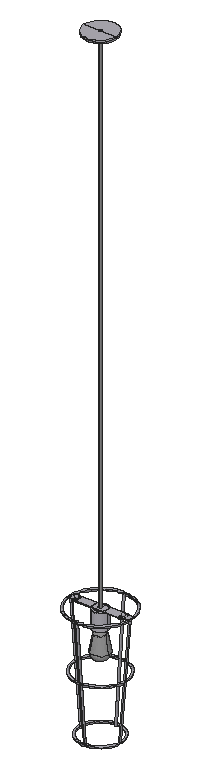
Revit family "Lighting - Lumetta - Pendant - P216RV", category Lighting Fixtures, host Ceiling, Revit 2015
Parameters
  Wattage = 11.7117 W
  built-in parameter 1150110 = 1 (stored number, unit not read)
  URL = "https://lumetta.com/luminaires/reveal-cone-up-16-pendant/"
  Type Comments = "Reveal Cone Up 16'' Pendant "  # constant formula
  built-in parameter 1114217 = 1 (stored number, unit not read)
  built-in parameter 1150109 = 1 (stored number, unit not read)
  built-in parameter 1150134 = (empty or 0)
  Suspension [instance] = 1
  built-in parameter 1150113 = 1 (stored number, unit not read)
  Stem Hung-ALL Lamping [instance] = Suspension = 2  # no
  P216RV URL [instance] = "https://lumetta.com/luminaires/reveal-cone-up-16-pendant/"
  Light Source Symbol Size = 0' - 1"
  Coupling-Stems Over 60 inches [instance] = and([Stem Hung-ALL Lamping], Fixture Drop > 5' 0")  # no
  Model = "P216RV"  # constant formula
  Manufacturer = "Lumetta, Inc."  # constant formula
  Lumens = 1300 lm
  built-in parameter 1150115 = 1 (stored number, unit not read)
  built-in parameter 1150105 = 103.45 (stored number, unit not read)
  built-in parameter 1150137 = (empty or 0)
  built-in parameter 1150139 = (empty or 0)
  built-in parameter 1150112 = 1 (stored number, unit not read)
  built-in parameter 1150114 = 1 (stored number, unit not read)
  built-in parameter 1150132 = 1
  built-in parameter 1150102 = (empty or 0)
  built-in parameter 1150138 = (empty or 0)
  built-in parameter 1150107 = 3000 (stored number, unit not read)
  built-in parameter 1150106 = 1.0345 (stored number, unit not read)
  Frame Finish [instance] = Paint - Lumetta - F02 - PC_Chrome
  Fixture Drop [instance] = 6' - 0"
  built-in parameter 1150104 = 10.312 (stored number, unit not read)
  Dimming Lamp Color Temperature Shift = (empty or 0)
  Description = "Reveal Cone Up 16'' Pendant "  # constant formula
  Cord Hung-STD [instance] = Suspension = 1  # yes
  Cord Color [instance] = Cord, Black
  Color Filter = 16777215
  built-in parameter 1114218 = 1 (stored number, unit not read)
  built-in parameter 1150133 = 10 (stored number, unit not read)
Reference planes (in)
  plane 1 "Light Source Axis (F/B)": y = 0
  plane 2 "Ceiling": z = 96
  plane 3 "Light Source Axis (L/R)": x = 0
  plane 4 "Light Source Elevation": z = 21
  plane 5 "Fixture-Top": z = 24
  plane 6 "Fixture-Radius": x = 4.32422
  plane 7 "Fixture-Height": z = 8
  plane 8: y = 0
  plane 9: x = 1.9375
  plane 10 "Middle Ring": z = 16
Forms (in)
  Revolve 1, solid, material "Paint - Lumetta - F02 - PC_Chrome" <- "Frame Finish", visible <- "Cord Hung-STD"
    sketch origin (0, 0, 0) x (1, 0, 0) y (0, 0, 1)
      loop
        line (0, 96) -> (0, 95.65) -> (2.125, 95.65)
        arc (2.125, 95.65) -> (2.21339, 95.68661) -> (2.25, 95.775) r 0.125
        line (2.25, 95.775) -> (2.25, 96) -> (0, 96)
      axis (0, 96) -> (0, 95.65)
    angle from 0 to 360
  Extrusion 2, solid, material "Paint - Lumetta - F02 - PC_Chrome" <- "Frame Finish", visible <- "Stem Hung-ALL Lamping"
    sketch origin (0, 0, 24) x (0, -1, 0) y (-1, 0, 0)
      loop
        circle (0, 0) r 0.25
    from 0.05815 to -72
  Revolve 3, solid, material "Paint - Lumetta - F02 - PC_Chrome" <- "Frame Finish", visible <- "Coupling-Stems Over 60 inches"
    sketch origin (0, 0, 0) x (1, 0, 0) y (0, 0, 1)
      loop
        line (0, 84.53023) -> (0, 84) -> (0.26233, 84)
        arc (0.26233, 84) -> (0.31307, 84.05074) -> (0.26233, 84.10149) r 0.05074
        arc (0.26233, 84.10149) -> (0.29304, 84.26499) -> (0.26243, 84.42851) r 0.45126
        arc (0.26243, 84.42851) -> (0.31329, 84.47937) -> (0.26243, 84.53023) r 0.05086
        line (0.26243, 84.53023) -> (0, 84.53023)
      axis (0, 84.53023) -> (0, 84)
    angle from 0 to 360
  Extrusion 4, solid, material "Cord, Black" <- "Cord Color"
    sketch origin (0, 0, 24) x (0, -1, 0) y (1, 0, 0)
      loop
        circle (0, 0) r 0.15674
    from -0.56254 to 72
  Extrusion 5, solid, material "Paint - Lumetta - F02 - PC_Chrome" <- "Frame Finish"
    sketch origin (0, 0, 24) x (0, -1, 0) y (1, 0, 0)
      loop
        circle (0, 0) r 0.26562
      loop
        line (-0.625, -3.3125) -> (-0.375, -3.5625) -> (0.375, -3.5625) -> (0.625, -3.3125) -> (0.625, 3.3125) -> (0.375, 3.5625) -> (-0.375, 3.5625) -> (-0.625, 3.3125) -> (-0.625, -3.3125)
      loop
        circle (0, 3.25) r 0.07846
      loop
        circle (0, -3.25) r 0.07846
    from -0.05815 to 0
  Revolve 6, solid, material "Paint - Lumetta - F02 - PC_Chrome" <- "Frame Finish", visible <- "Cord Hung-STD"
    sketch origin (0, 0, 0) x (1, 0, 0) y (0, 0, 1)
      loop
        line (0, 95.65) -> (0, 95.15) -> (0.28125, 95.15) -> (0.375, 95.65) -> (0, 95.65)
      axis (0, 95.65) -> (0, 95.15)
    angle from 0 to 360
  Revolve 7, solid, material "Paint - Lumetta - F02 - PC_Chrome" <- "Frame Finish", visible <- "Stem Hung-ALL Lamping"
    sketch origin (0, 0, 0) x (1, 0, 0) y (0, 0, 1)
      loop
        line (1.9375, 93.72) -> (1.9375, 93.37095)
        arc (1.9375, 93.37095) -> (2.11821, 93.50953) -> (2.03125, 93.72) r 0.18712
        line (2.03125, 93.72) -> (1.9375, 93.72)
      axis (1.9375, 93.72) -> (1.9375, 93.37095)
    angle from 0 to 360
  Revolve 8, solid, material "Paint - Lumetta - F02 - PC_Chrome" <- "Frame Finish", visible <- "Stem Hung-ALL Lamping"
    sketch origin (0, 0, 0) x (-1, 0, 0) y (0, 0, 1)
      loop
        line (1.9375, 93.72) -> (1.9375, 93.37095)
        arc (1.9375, 93.37095) -> (2.11821, 93.50953) -> (2.03125, 93.72) r 0.18712
        line (2.03125, 93.72) -> (1.9375, 93.72)
      axis (1.9375, 93.72) -> (1.9375, 93.37095)
    angle from 0 to 360
  Revolve 9, solid, material "Paint - Lumetta - F02 - PC_Chrome" <- "Frame Finish"
    sketch origin (0, 0, 0) x (1, 0, 0) y (0, 0, 1)
      loop
        circle (4.21484, 23.89063) r 0.10938
      axis (0, 23.89063) -> (0, 23.85125)
    angle from 0 to 360
  Revolve 10, solid, material "Paint - Lumetta - F02 - PC_Chrome" <- "Frame Finish"
    sketch origin (0, 0, 0) x (1, 0, 0) y (0, 0, 1)
      loop
        circle (2.88984, 8.10937) r 0.10938
      axis (0, 8.10937) -> (0, 8.07)
    angle from 0 to 360
  Extrusion 11, solid, material "Paint - Lumetta - F02 - PC_Chrome" <- "Frame Finish"
    sketch origin (0, 0, 24) x (0, -1, 0) y (1, 0, 0)
      loop
        line (-0.5, 2.9375) -> (0.5, 2.9375) -> (0.5, 4.20971)
        arc (0.5, 4.20971) -> (0, 4.23951) -> (-0.5, 4.20971) r 4.21
        line (-0.5, 4.20971) -> (-0.5, 2.9375)
      loop
        circle (0, 3.25) r 0.09375
      loop
        line (-0.5, -2.9375) -> (-0.5, -4.20971)
        arc (-0.5, -4.20971) -> (0, -4.23951) -> (0.5, -4.20971) r 4.21
        line (0.5, -4.20971) -> (0.5, -2.9375) -> (-0.5, -2.9375)
      loop
        circle (0, -3.25) r 0.09375
    from 0 to 0.07325
  Revolve 12, solid, material "Paint - Lumetta - F02 - PC_Chrome" <- "Frame Finish", visible <- "Stem Hung-ALL Lamping"
    sketch origin (0, 0, 0) x (1, 0, 0) y (0, 0, 1)
      loop
        line (0, 96.0012) -> (0, 93.40625) -> (0.34988, 93.40625)
        arc (0.34988, 93.40625) -> (0.49124, 93.54417) -> (0.58115, 93.72) r 0.61026
        line (0.58115, 93.72) -> (3, 93.72) -> (3, 93.78) -> (2.875, 93.78) -> (2.875, 96.0012) -> (0, 96.0012)
      axis (0, 96.0012) -> (0, 93.40625)
    angle from 0 to 360
  Revolve 13, solid, material "Paint - Lumetta - F02 - PC_Chrome" <- "Frame Finish"
    sketch origin (0, 0, 6.25) x (1, 0, 0) y (0, 0, 1)
      loop
        circle (3.55234, 9.75) r 0.10938
      axis (0, 9.75) -> (0, 9.71063)
    angle from 0 to 360
  Revolve 14, solid, material "Paint - Lumetta - F02 - PC_Chrome" <- "Frame Finish"
    sketch origin (0, 0, 0) x (1, 0, 0) y (0, 0, 1)
      loop
        line (0, 23.94185) -> (0, 23.9106) -> (0.90625, 23.9106)
        arc (0.90625, 23.9106) -> (0.97254, 23.88314) -> (1, 23.81685) r 0.09375
        line (1, 23.81685) -> (1, 21.44185) -> (1.03125, 21.44185) -> (1.03125, 23.81685)
        arc (1.03125, 23.81685) -> (0.99464, 23.90523) -> (0.90625, 23.94185) r 0.125
        line (0.90625, 23.94185) -> (0, 23.94185)
      axis (0, 23.94185) -> (0, 21.44185)
    angle from 0 to 360
  Revolve 15, solid, material "Acrylic - 2447 - White"
    sketch origin (0, 0, 0) x (1, 0, 0) y (0, 0, 1)
      loop
        arc (0.48041, 21.41727) -> (0.66687, 21.10094) -> (0.77324, 20.74949) r 1.54182
        line (0.77324, 20.74949) -> (1.17086, 18.49448)
        arc (1.17086, 18.49448) -> (1.06714, 17.9859) -> (0.64416, 17.68508) r 0.70728
        arc (0.64416, 17.68508) -> (0.43163, 17.64159) -> (0.21626, 17.61551) r 2.66809
        arc (0.21626, 17.61551) -> (0.19746, 17.60723) -> (0.18786, 17.58907) r 0.03125
        arc (0.18786, 17.58907) -> (0.18007, 17.57274) -> (0.16453, 17.56346) r 0.03125
        arc (0.16453, 17.56346) -> (0.08288, 17.54831) -> (0, 17.54324) r 0.67945
        line (0, 17.54324) -> (0, 17.51199)
        arc (0, 17.51199) -> (0.0867, 17.51729) -> (0.1721, 17.53314) r 0.7107
        arc (0.1721, 17.53314) -> (0.20317, 17.55169) -> (0.21875, 17.58436) r 0.0625
        arc (0.21875, 17.58436) -> (0.43664, 17.61075) -> (0.65167, 17.65474) r 2.69934
        arc (0.65167, 17.65474) -> (1.09333, 17.96886) -> (1.20163, 18.49991) r 0.73853
        line (1.20163, 18.49991) -> (0.80401, 20.75492)
        arc (0.80401, 20.75492) -> (0.69549, 21.11349) -> (0.50526, 21.43623) r 1.57307
        arc (0.50526, 21.43623) -> (0.47231, 21.46338) -> (0.43073, 21.4731) r 0.09375
        line (0.43073, 21.4731) -> (0, 21.4731) -> (0, 21.44185) -> (0.43073, 21.44185)
        arc (0.43073, 21.44185) -> (0.45845, 21.43537) -> (0.48041, 21.41727) r 0.0625
      axis (0, 21.4731) -> (0, 17.51199)
    angle from 0 to 360
  Revolve 16, solid, material "Paint - Lumetta - F02 - PC_Chrome" <- "Frame Finish"
    sketch origin (0, 0, 0) x (1, 0, 0) y (0, 0, 1)
      loop
        arc (3.375, 24.07325) -> (3.42516, 24.27991) -> (3.25, 24.4005) r 0.1875
        line (3.25, 24.4005) -> (3.25, 24.07325) -> (3.375, 24.07325)
      axis (3.25, 24.4005) -> (3.25, 24.07325)
    angle from 0 to 360
  Revolve 17, solid, material "Paint - Lumetta - F02 - PC_Chrome" <- "Frame Finish"
    sketch origin (0, 0, 0) x (-1, 0, 0) y (0, 0, 1)
      loop
        arc (3.375, 24.07325) -> (3.42516, 24.27991) -> (3.25, 24.4005) r 0.1875
        line (3.25, 24.4005) -> (3.25, 24.07325) -> (3.375, 24.07325)
      axis (3.25, 24.4005) -> (3.25, 24.07325)
    angle from 0 to 360
  Sweep 18, solid, material "Paint - Lumetta - F02 - PC_Chrome" <- "Frame Finish"
    path origin (0, 0, 0) x (1, 0, 0) y (0, 0, 1)
      loop
        line (-4.07982, 24) -> (-2.68, 8)
    profile origin (-3.37991, 0, 16) x (0.996195, 0, 0.087156) y (0, -1, 0)
      loop
        circle (0, 0) r 0.1035
  Sweep 19, solid, material "Paint - Lumetta - F02 - PC_Chrome" <- "Frame Finish"
    path origin (0, 0, 0) x (-1, 0, 0) y (0, 0, 1)
      loop
        line (-4.07982, 24) -> (-2.68, 8)
    profile origin (3.37991, 0, 16) x (-0.996195, 0, 0.087156) y (0, 1, 0)
      loop
        circle (0, 0) r 0.1035
  Sweep 20, solid, material "Paint - Lumetta - F02 - PC_Chrome" <- "Frame Finish"
    path origin (0, 0, 0) x (0, 1, 0) y (0, 0, 1)
      loop
        line (-4.07982, 24) -> (-2.68, 8)
    profile origin (0, -3.37991, 16) x (0, 0.996195, 0.087156) y (1, 0, 0)
      loop
        circle (0, 0) r 0.1035
  Sweep 21, solid, material "Paint - Lumetta - F02 - PC_Chrome" <- "Frame Finish"
    path origin (0, 0, 0) x (0, -1, 0) y (0, 0, 1)
      loop
        line (-4.07982, 24) -> (-2.68, 8)
    profile origin (0, 3.37991, 16) x (0, -0.996195, 0.087156) y (-1, 0, 0)
      loop
        circle (0, 0) r 0.1035
Dimensions and locks (in)
  equal spacing: host sketch curve, plane 3 "Light Source Axis (L/R)", host sketch curve
  equal spacing: host sketch curve, plane 1 "Light Source Axis (F/B)", host sketch curve
  host sketch curve to host sketch curve = 10' - 0"  (x2)
  "Fixture Drop": plane 2 "Ceiling" to plane 5 "Fixture-Top"
  plane 5 "Fixture-Top" to plane 4 "Light Source Elevation" = 0' - 3"
  locked: plane 6 "Fixture-Radius" to plane 3 "Light Source Axis (L/R)" at 4.32422
  locked: plane 5 "Fixture-Top" to plane 7 "Fixture-Height" at 16
  locked: Extrusion 2 sketch curve to imposter light
  locked: Extrusion 2 sketch curve to imposter light at 0
  Revolve 3 sketch curve to Revolve 3 sketch curve = 0' - 0.15822"
  locked: Revolve 3 sketch curve to Revolve 3 sketch curve at 0.53023
  locked: Revolve 3 sketch curve to Revolve 3 sketch curve at 0.26243
  locked: Revolve 3 sketch curve to Revolve 3 sketch curve at 0.26233
  locked: Revolve 3 sketch curve to Revolve 3 sketch curve at 0.05074
  locked: Revolve 3 sketch curve to Revolve 3 sketch curve at 0.47937
  locked: Revolve 3 sketch curve to Revolve 3 sketch curve at 0.26512
  locked: Revolve 1 to Revolve 6 sketch curve at 0.5
  locked: plane 6 "Fixture-Radius" to Revolve 9 sketch curve at 0.10937
  equal spacing: Extrusion 11 sketch curve, plane 8, Extrusion 11 sketch curve, locked at 0.5 each
  locked: Extrusion 11 to plane 5 "Fixture-Top" at 0.07325
  locked: plane 5 "Fixture-Top" to Extrusion 5 at 0.05815
  locked: Revolve 12 sketch curve to Revolve 12 sketch curve at 2.875
  locked: Revolve 12 sketch curve to Revolve 12 sketch curve at 0.31375
  locked: plane 2 "Ceiling" to Revolve 12 sketch curve at 2.28
  locked: Revolve 12 sketch curve to plane 3 "Light Source Axis (L/R)" at 0
  locked: Revolve 12 sketch curve to plane 2 "Ceiling" at 0.0012
  locked: plane 2 "Ceiling" to Revolve 1 sketch curve at 0.35
  locked: Revolve 1 sketch curve to plane 2 "Ceiling"
  locked: Revolve 1 sketch curve to plane 3 "Light Source Axis (L/R)" at 2.25
  locked: plane 2 "Ceiling" to Revolve 6 sketch curve at 0.35
  locked: plane 6 "Fixture-Radius" to Revolve 10 sketch curve at 1.43438
  locked: Extrusion 5 sketch curve to plane 3 "Light Source Axis (L/R)" at 3.25
  locked: Extrusion 5 sketch curve to Extrusion 5 sketch curve at 6.5
  locked: plane 8 to Extrusion 5 sketch curve at 0.625  (x2)
  locked: plane 5 "Fixture-Top" to plane 10 "Middle Ring" at 8
  locked: plane 6 "Fixture-Radius" to Revolve 13 sketch curve at 0.77188
  locked: Revolve 13 sketch curve to plane 10 "Middle Ring"
  locked: Revolve 14 sketch curve to plane 3 "Light Source Axis (L/R)" at 0
  locked: plane 3 "Light Source Axis (L/R)" to Revolve 14 sketch curve at 1.03125
  locked: Revolve 14 sketch curve to Revolve 14 sketch curve at 0.03125  (x2)
  locked: Extrusion 5 to Revolve 14 sketch curve at 0
  Revolve 14 sketch curve to Revolve 14 sketch curve = 0' - 2 1/2"
  locked: plane 3 "Light Source Axis (L/R)" to Revolve 16 sketch curve at 3.25  (x2)
  locked: Revolve 16 sketch curve to Revolve 16 sketch curve at 0.13975
  Revolve 16 sketch curve to Extrusion 11 = 0' - 0"
  locked: Revolve 17 sketch curve to Revolve 17 sketch curve at 0.13975
  locked: Revolve 17 sketch curve to Extrusion 11 at 0
  locked: Revolve 17 sketch curve to plane 3 "Light Source Axis (L/R)" at 3.25  (x2)
  Revolve 12 sketch curve to plane 3 "Light Source Axis (L/R)" = 0' - 3"
  locked: Revolve 10 sketch curve to plane 7 "Fixture-Height" at 0.10938
  locked: plane 5 "Fixture-Top" to Revolve 9 sketch curve at 0.10937
  locked: Extrusion 5 sketch curve to plane 3 "Light Source Axis (L/R)" at 3.5625
  locked: Extrusion 5 sketch curve to Extrusion 5 sketch curve at 7.125
  locked: Extrusion 11 sketch curve to Extrusion 11 sketch curve at 0.3125  (x2)
  locked: plane 3 "Light Source Axis (L/R)" to Extrusion 11 sketch curve at 3.25
  Extrusion 11 sketch curve to Extrusion 11 sketch curve = 0' - 1"
  locked: Extrusion 11 sketch curve to Extrusion 11 sketch curve at 6.5
  locked: plane 3 "Light Source Axis (L/R)" to Sweep 18 sketch curve at 4.07982
  locked: plane 3 "Light Source Axis (L/R)" to Sweep 18 sketch curve at 2.68
  locked: Extrusion 5 sketch curve to Extrusion 5 sketch curve at 0.25  (x2)
  locked: Revolve 3 sketch curve to plane 5 "Fixture-Top" at 60
  aligned and locked: plane 3 "Light Source Axis (L/R)" to imposter light
  aligned and locked: plane 1 "Light Source Axis (F/B)" to imposter light
  aligned and locked: plane 4 "Light Source Elevation" to imposter light
  aligned and locked: Revolve 3 sketch curve to Revolve 3 sketch curve  (x2)
  aligned and locked: host ceiling to Extrusion 2
  aligned and locked: host ceiling to Extrusion 4
  aligned and locked: Extrusion 5 to Extrusion 2
  aligned and locked: Revolve 7 sketch curve to plane 9
  aligned and locked: Revolve 10 sketch curve to plane 3 "Light Source Axis (L/R)"
  aligned and locked: plane 5 "Fixture-Top" to Extrusion 11
  aligned and locked: Extrusion 5 to plane 5 "Fixture-Top"
  aligned and locked: plane 3 "Light Source Axis (L/R)" to Revolve 14 sketch curve
  aligned and locked: Revolve 15 sketch curve to plane 3 "Light Source Axis (L/R)"
Automatic sketch dimensions
  Revolve 3 sketch curve to plane 3 "Light Source Axis (L/R)" = 0' - 0"
  Revolve 3 sketch curve to Revolve 3 sketch curve = 0' - 9.34317"
  plane 1 "Light Source Axis (F/B)" to Extrusion 4 sketch curve = 0' - 0"
  Extrusion 4 sketch curve to plane 3 "Light Source Axis (L/R)" = 0' - 0"
  Revolve 7 sketch curve to plane 9 = 0' - 0"
  plane 9 to Revolve 7 sketch curve = 0' - 0 3/32"
  Revolve 7 sketch curve to plane 2 "Ceiling" = 0' - 2.62905"
  Revolve 7 sketch curve to Revolve 7 sketch curve = 0' - 0.18712"
  Revolve 7 sketch curve to Revolve 7 sketch curve = 0' - 1.15095"
  plane 2 "Ceiling" to Revolve 7 sketch curve = 0' - 0.72"
  plane 3 "Light Source Axis (L/R)" to Revolve 8 sketch curve = 0' - 1 15/16"
  Revolve 8 sketch curve to Revolve 8 sketch curve = 0' - 0 3/32"
  plane 2 "Ceiling" to Revolve 8 sketch curve = 0' - 2.62905"
  Revolve 8 sketch curve to Revolve 8 sketch curve = 0' - 0.18712"
  Revolve 8 sketch curve to Revolve 8 sketch curve = 0' - 0"
  Revolve 8 sketch curve to Revolve 8 sketch curve = 0' - 1.15095"
  Revolve 8 sketch curve to plane 2 "Ceiling" = 0' - 0.72"
  level to Revolve 10 sketch curve = 0' - 0 3/4"
  Revolve 12 sketch curve to plane 3 "Light Source Axis (L/R)" = 0' - 0"  (x2)
  Revolve 12 sketch curve to Revolve 12 sketch curve = 0' - 0.34988"
  Revolve 12 sketch curve to Revolve 12 sketch curve = 0' - 0.23126"
  Revolve 12 sketch curve to Revolve 12 sketch curve = 0' - 0.06"
  Revolve 12 sketch curve to Revolve 12 sketch curve = 0' - 1.7488"
  Revolve 12 sketch curve to Revolve 12 sketch curve = 0' - 2 1/2"
  Revolve 13 sketch curve to plane 3 "Light Source Axis (L/R)" = 0' - 0"
  Revolve 13 sketch curve to plane 4 "Light Source Elevation" = 0' - 0 1/2"
  Revolve 15 sketch curve to Revolve 15 sketch curve = 0' - 0"  (x19)
  Revolve 15 sketch curve to plane 3 "Light Source Axis (L/R)" = 0' - 0"  (x2)
  Revolve 15 sketch curve to plane 3 "Light Source Axis (L/R)" = 0' - 0.74516"
  plane 3 "Light Source Axis (L/R)" to Revolve 15 sketch curve = 0' - 0.00349"
  plane 3 "Light Source Axis (L/R)" to Revolve 15 sketch curve = 0' - 0.15696"
  Revolve 15 sketch curve to Revolve 15 sketch curve = 0' - 0.06179"
  plane 3 "Light Source Axis (L/R)" to Revolve 15 sketch curve = 0' - 0.43073"
  plane 3 "Light Source Axis (L/R)" to Revolve 15 sketch curve = 0' - 0.47433"
  plane 4 "Light Source Elevation" to Revolve 15 sketch curve = 0' - 0.25051"
  Revolve 15 sketch curve to Revolve 15 sketch curve = 0' - 0.3425"
  plane 4 "Light Source Elevation" to Revolve 15 sketch curve = 0' - 0.24508"
  Revolve 15 sketch curve to Revolve 15 sketch curve = 0' - 0.03078"  (x2)
  Revolve 15 sketch curve to Revolve 15 sketch curve = 0' - 0.69653"
  Revolve 15 sketch curve to Revolve 15 sketch curve = 0' - 0.00941"
  Revolve 15 sketch curve to Revolve 15 sketch curve = 0' - 0.05054"
  Revolve 15 sketch curve to Revolve 15 sketch curve = 0' - 0 1/32"  (x2)
  Revolve 15 sketch curve to Revolve 15 sketch curve = 0' - 0.00543"
  plane 4 "Light Source Elevation" to Revolve 15 sketch curve = 0' - 0.72489"
  plane 4 "Light Source Elevation" to Revolve 15 sketch curve = 0' - 0.51824"
  Revolve 15 sketch curve to plane 4 "Light Source Elevation" = 0' - 0.37935"
  Revolve 15 sketch curve to Revolve 15 sketch curve = 0' - 0 1/16"
  Revolve 15 sketch curve to Revolve 15 sketch curve = 0' - 1.64262"
  Revolve 15 sketch curve to Revolve 15 sketch curve = 0' - 0 3/4"
  plane 7 "Fixture-Height" to Revolve 13 sketch curve = 0' - 1"
  Revolve 10 sketch curve to plane 10 "Middle Ring" = 0' - 0 1/4"
  Revolve 15 sketch curve to Revolve 15 sketch curve = 0' - 1.7752"
  Revolve 15 sketch curve to Revolve 15 sketch curve = 0' - 0.12282"
  Revolve 15 sketch curve to Revolve 15 sketch curve = 0' - 0.14898"
  Revolve 15 sketch curve to Revolve 15 sketch curve = 0' - 0.0913"
  Revolve 1 sketch curve to plane 3 "Light Source Axis (L/R)" = 0' - 0"  (x2)
  Revolve 1 sketch curve to Revolve 1 sketch curve = 0' - 0 1/8"
  Revolve 1 sketch curve to plane 5 "Fixture-Top" = 0' - 1 1/4"
  plane 2 "Ceiling" to Revolve 1 sketch curve = 0' - 9 3/4"
  Revolve 6 sketch curve to plane 3 "Light Source Axis (L/R)" = 0' - 0"  (x2)
  Revolve 6 sketch curve to Revolve 6 sketch curve = 0' - 0 9/32"
  Revolve 6 sketch curve to Revolve 6 sketch curve = 0' - 0 3/8"
  Revolve 6 sketch curve to Revolve 6 sketch curve = 0' - 1 1/4"
  plane 2 "Ceiling" to Revolve 6 sketch curve = 0' - 6 11/16"
  Revolve 9 sketch curve to plane 3 "Light Source Axis (L/R)" = 0' - 0"
  Revolve 9 sketch curve to plane 4 "Light Source Elevation" = 0' - 0 1/2"
  Revolve 9 sketch curve to plane 5 "Fixture-Top" = 0' - 2 1/2"
  plane 1 "Light Source Axis (F/B)" to Extrusion 11 sketch curve = 0' - 0"  (x4)
  Extrusion 11 sketch curve to plane 1 "Light Source Axis (F/B)" = 0' - 0 1/2"  (x2)
  plane 1 "Light Source Axis (F/B)" to Extrusion 11 sketch curve = 0' - 0 1/2"
  plane 3 "Light Source Axis (L/R)" to Extrusion 11 sketch curve = 0' - 0.02951"
  Extrusion 11 sketch curve to plane 3 "Light Source Axis (L/R)" = 0' - 0.02951"
  Extrusion 11 sketch curve to Extrusion 11 sketch curve = 0' - 0.95971"
  Extrusion 11 sketch curve to plane 6 "Fixture-Radius" = 0' - 0.11451"
  Revolve 14 sketch curve to Revolve 14 sketch curve = 0' - 0"  (x2)
  Revolve 14 sketch curve to Revolve 14 sketch curve = 0' - 0 3/32"
  plane 10 "Middle Ring" to Revolve 14 sketch curve = 0' - 0 5/8"
  Revolve 14 sketch curve to plane 5 "Fixture-Top" = 0' - 1 1/2"
  Revolve 16 sketch curve to Revolve 16 sketch curve = 0' - 0 1/8"
  plane 5 "Fixture-Top" to Revolve 16 sketch curve = 0' - 0.44618"
  Revolve 16 sketch curve to Revolve 16 sketch curve = 0' - 0.19786"
  Revolve 17 sketch curve to Revolve 17 sketch curve = 0' - 0 1/8"
  Revolve 17 sketch curve to plane 5 "Fixture-Top" = 0' - 0.44618"
  Revolve 17 sketch curve to Revolve 17 sketch curve = 0' - 0.19786"
  Sweep 18 sketch curve to plane 5 "Fixture-Top" = 0' - 0"
  Sweep 18 sketch curve to plane 7 "Fixture-Height" = 0' - 0"
  Sweep 18 sketch curve to plane 1 "Light Source Axis (F/B)" = 0' - 0"
  Sweep 18 sketch curve to profile plane = 0' - 0"
  Sweep 19 sketch curve to plane 5 "Fixture-Top" = 0' - 0"
  Sweep 19 sketch curve to plane 7 "Fixture-Height" = 0' - 0"
  Sweep 19 sketch curve to plane 6 "Fixture-Radius" = 0' - 0.2444"
  plane 9 to Sweep 19 sketch curve = 0' - 0.7425"
  Sweep 19 sketch curve to profile plane = 0' - 0"
  profile plane to Sweep 19 sketch curve = 0' - 0"
  plane 5 "Fixture-Top" to Sweep 20 sketch curve = 0' - 0"
  plane 7 "Fixture-Height" to Sweep 20 sketch curve = 0' - 0"
  plane 1 "Light Source Axis (F/B)" to Sweep 20 sketch curve = 0' - 4.07982"
  plane 1 "Light Source Axis (F/B)" to Sweep 20 sketch curve = 0' - 2.68"
  Sweep 20 sketch curve to profile plane = 0' - 0"  (x2)
  plane 5 "Fixture-Top" to Sweep 21 sketch curve = 0' - 0"
  plane 7 "Fixture-Height" to Sweep 21 sketch curve = 0' - 0"
  Sweep 21 sketch curve to plane 1 "Light Source Axis (F/B)" = 0' - 4.07982"
  Sweep 21 sketch curve to plane 1 "Light Source Axis (F/B)" = 0' - 2.68"
  profile plane to Sweep 21 sketch curve = 0' - 0"
  Sweep 21 sketch curve to profile plane = 0' - 0"
  plane 1 "Light Source Axis (F/B)" to Extrusion 5 sketch curve = 0' - 0"  (x3)
  Extrusion 5 sketch curve to plane 3 "Light Source Axis (L/R)" = 0' - 0"
  Extrusion 5 sketch curve to Extrusion 5 sketch curve = 0' - 0 1/4"  (x6)
  radius of Extrusion 2 sketch curve = 0' - 0 1/4"
  radius of Extrusion 4 sketch curve = 0' - 0.15674"
  radius of Revolve 10 sketch curve = 0' - 0 7/64"
  radius of Revolve 13 sketch curve = 0' - 0 7/64"
  radius of Revolve 9 sketch curve = 0' - 0 7/64"
  radius of Extrusion 11 sketch curve = 0' - 0 3/32"  (x2)
  radius of Sweep 18 sketch curve = 0' - 0.1035"
  radius of Sweep 19 sketch curve = 0' - 0.1035"
  radius of Sweep 20 sketch curve = 0' - 0.1035"
  radius of Sweep 21 sketch curve = 0' - 0.1035"
  radius of Extrusion 5 sketch curve = 0' - 0 17/64"
  radius of Extrusion 5 sketch curve = 0' - 0.07846"  (x2)
